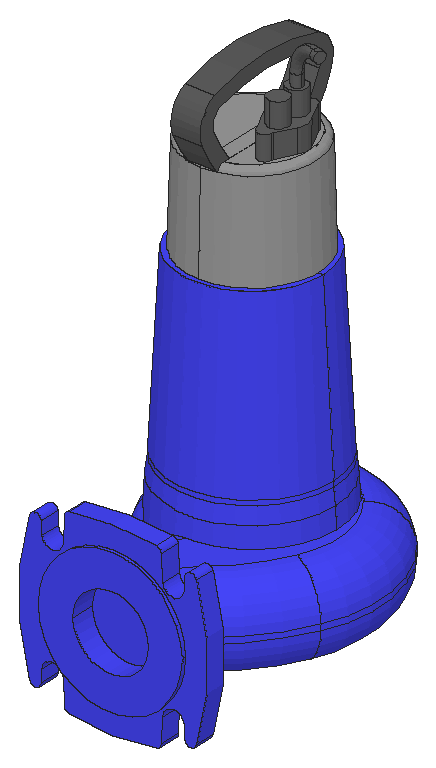
Revit family "MF_50_565_W", category Mechanical Equipment, Revit 2018
Family settings
  Round Connector Dimension = Use Radius
  Part Type = Normal
  Work Plane-Based = No
  Always vertical = Yes
  Cut with Voids When Loaded = No
  Shared = No
  Room Calculation Point = No
Parameters (values of type "MF 565W")
  Weight (kg) [instance] = "24.0"
  Volute = Cast Iron EN-GJL-250
  Upper Lid = Stainless steel 1.4301 (AISI 304)
  Speed (r/min) = 2900
  Solids Size [instance] = "60"
  Rotor Shaft = Stainless steel 1.4021 (AISI 420)
  Rated Voltage (V) = "220-240 1~"
  Rated Current (A) = "11.6"
  Product Specification Link = "https://www.sulzer.com/en/shared/products/2017/03/28/13/00/light-wastewater-pump-type-abs-mf-154-804"
  Motor Power (kW) = "P1=2.60 P2=1.80"
  Motor Housing = Cast Iron EN-GJL-250
  Model = "Light Wastewater Pump Type ABS MF 565-665"
  Manufacturer = "Sulzer"
  Impeller = Polyamide
  Head (m) = 16 mm
  Handle = Handle
  Fasteners = Stainless steel 1.4401 (AISI 316)
  Discharge DN 65 [instance] = 65 mm / 2  # 32.5 mm
  Discharge Connection [instance] = "DN 65"
  Description = "Compact submersible pumps with large solids passage for the reliable and effective dewatering of buildings and sites."
  Capacity (m3/hr) = 35.00 m³
  Cable Type (H07RN-F) = "F3G1.0"
  Cable Length (m) = "As Per Specification"
  Cable = Neoprene
  Assembly Code = ""
Reference planes
  plane 1 "Center (Front/Back)": y = 0
  plane 2: z = 0
  plane 3 "Center (Left/Right)": x = 0
  plane 4: z = 51
  plane 5: z = 88.2
  plane 6: x = 12.5
  plane 7: x = -12.5
  plane 8: through (0, 136.224, 289.935) normal (0, 0.2588, 0.9659)
  plane 9: y = -150
  plane 10: y = -147
  plane 11: z = 47.5
  plane 12: y = -130
  plane 13: z = 109.5
  plane 14: y = -14.657
  plane 15: y = -29.657
  plane 16: z = 383.2
  plane 17: z = 335.5
  plane 18: z = 304.5
  plane 19: through (30, -10, 1200) normal (0.3557, 0.9346, 0)
Forms (mm)
  Revolve 1, solid, material "Cast Iron EN-GJL-250" <- "Motor Housing"
    sketch origin (0, 0, 0) x (1, 0, 0) y (0, 0, 1)
      loop
        line (60.901, 274.2) -> (0, 274.2) -> (0, 9) -> (30, 9) -> (30, 3) -> (36, 3)
        arc (36, 3) -> (39.85, 4.398) -> (41.906, 7.941) r 6
        arc (41.906, 7.941) -> (42.762, 9.417) -> (44.367, 10) r 2.5
        line (44.367, 10) -> (75.822, 10) -> (71, 102)
        arc (71, 102) -> (70.207, 109.069) -> (69.282, 116.121) r 381.445
        arc (69.282, 116.121) -> (69.068, 118.12) -> (68.99, 120.129) r 30
        arc (68.99, 120.129) -> (66.746, 197.259) -> (60.901, 274.2) r 1650.998
      axis (0, 274.2) -> (0, 3)
    angle from 0 to 360
  Extrusion 2, solid, material "Neoprene" <- "Cable"
    sketch origin (-1520, -68.65, 383.2) x (-1, 0, 0) y (0, 1, 0)
      loop
        line (-1556.681, 45.311) -> (-1556.069, 43.549)
        arc (-1556.069, 43.549) -> (-1550, 38.482) -> (-1543.931, 43.549) r 6.168
        line (-1543.931, 43.549) -> (-1543.319, 45.311) -> (-1535.2, 60.982)
        arc (-1535.2, 60.982) -> (-1533.332, 68.65) -> (-1535.2, 76.317) r 16.668
        line (-1535.2, 76.317) -> (-1543.319, 91.989) -> (-1543.931, 93.75)
        arc (-1543.931, 93.75) -> (-1550, 98.818) -> (-1556.069, 93.75) r 6.168
        line (-1556.069, 93.75) -> (-1556.681, 91.989) -> (-1564.8, 76.317)
        arc (-1564.8, 76.317) -> (-1566.668, 68.65) -> (-1564.8, 60.982) r 16.668
        line (-1564.8, 60.982) -> (-1556.681, 45.311)
    from 0 to 20
  Extrusion 3, solid, material "Neoprene" <- "Cable"
    sketch origin (-1520, -68.65, 383.2) x (-1, 0, 0) y (0, 1, 0)
      loop
        circle (-1550, 58.65) r 8.659
      loop
        circle (-1550, 78.65) r 8.659
    from 0 to -20
  Revolve 4, solid, material "Stainless steel 1.4301 (AISI 304)" <- "Upper Lid"
    sketch origin (0, 0, 0) x (0, 1, 0) y (0, 0, 1)
      loop
        line (48.025, 363.2) -> (0, 363.2) -> (0, 274.2) -> (56.499, 274.2)
        arc (56.499, 274.2) -> (55.901, 315.901) -> (54.014, 357.564) r 1349.351
        arc (54.014, 357.564) -> (52.137, 361.569) -> (48.025, 363.2) r 6
      axis (0, 363.2) -> (0, 274.2)
    angle from 0 to 360
  Extrusion 5, solid, material "Cast Iron EN-GJL-250" <- "Motor Housing"
    sketch origin (0, 0, 0) x (1, 0, 0) y (0, 1, 0)
      loop
        arc (-64.978, 14.144) -> (-64.67, 12.311) -> (-63.183, 11.197) r 2.5
        line (-63.183, 11.197) -> (-53.511, 8.606)
        arc (-53.511, 8.606) -> (-51.553, 8.892) -> (-50.416, 10.51) r 2.5
        arc (-50.416, 10.51) -> (-44.6, 25.75) -> (-34.31, 38.406) r 51.5
        arc (-34.31, 38.406) -> (-33.477, 40.2) -> (-34.208, 42.039) r 2.5
        line (-34.208, 42.039) -> (-41.289, 49.119)
        arc (-41.289, 49.119) -> (-42.997, 49.851) -> (-44.738, 49.201) r 2.5
        arc (-44.738, 49.201) -> (-57.591, 33.25) -> (-64.978, 14.144) r 66.5
      loop
        arc (-21.894, -106.317) -> (-21.673, -108.162) -> (-20.24, -109.345) r 2.5
        arc (-20.24, -109.345) -> (0, -112.5) -> (20.24, -109.345) r 66.5
        arc (20.24, -109.345) -> (21.673, -108.162) -> (21.894, -106.317) r 2.5
        line (21.894, -106.317) -> (19.302, -96.644)
        arc (19.302, -96.644) -> (18.076, -95.092) -> (16.106, -94.917) r 2.5
        arc (16.106, -94.917) -> (0, -97.5) -> (-16.106, -94.917) r 51.5
        arc (-16.106, -94.917) -> (-18.076, -95.092) -> (-19.302, -96.644) r 2.5
        line (-19.302, -96.644) -> (-21.894, -106.317)
      loop
        arc (44.167, 47.757) -> (43.434, 45.989) -> (44.168, 44.221) r 2.5
        arc (44.168, 44.221) -> (54.127, 31.25) -> (60.38, 16.14) r 62.5
        arc (60.38, 16.14) -> (61.545, 14.621) -> (63.442, 14.371) r 2.5
        line (63.442, 14.371) -> (73.102, 16.959)
        arc (73.102, 16.959) -> (74.619, 18.123) -> (74.87, 20.02) r 2.5
        arc (74.87, 20.02) -> (67.117, 38.75) -> (54.772, 54.829) r 77.5
        arc (54.772, 54.829) -> (53.005, 55.56) -> (51.238, 54.828) r 2.5
        line (51.238, 54.828) -> (44.167, 47.757)
    from 0 to 47.5
  Sweep 6, solid, material "Cast Iron EN-GJL-250" <- "Motor Housing"
    path origin (-128.678, -1524, 47.5) x (-1, 0, 0) y (0, -1, 0)
      loop
        arc (-116.178, -1501.595) -> (-106.02, -1506.419) -> (-98.604, -1514.872) r 27.8
        arc (-98.604, -1514.872) -> (-94.118, -1529.954) -> (-96.713, -1545.473) r 34.9
        arc (-96.713, -1545.473) -> (-112.457, -1564.857) -> (-136.234, -1572.488) r 43.801
        arc (-136.234, -1572.488) -> (-159.215, -1567.821) -> (-177.969, -1553.744) r 53.3
        arc (-177.969, -1553.744) -> (-192.174, -1521.888) -> (-186.901, -1487.41) r 61.897
        arc (-186.901, -1487.41) -> (-172.334, -1463.606) -> (-152.853, -1443.624) r 125.1
        arc (-152.853, -1443.624) -> (-136.646, -1422.887) -> (-130.874, -1397.209) r 60
        line (-130.874, -1397.209) -> (-130.874, -1374)
    profile origin (2.196, -138.395, 47.5) x (1, 0, 0) y (0, 0, 1)
      loop
        line (-2.196, 37.419) -> (-2.196, -37.581) -> (16.804, -37.581)
        arc (16.804, -37.581) -> (41.552, -27.329) -> (51.804, -2.581) r 35
        line (51.804, -2.581) -> (51.804, 2.419)
        arc (51.804, 2.419) -> (41.552, 27.168) -> (16.804, 37.419) r 35
        line (16.804, 37.419) -> (-2.196, 37.419)
  Extrusion 7, solid, material "Handle" <- "Handle"
    sketch origin (0, 0, 57.131) x (0, 1, 0) y (0, 0, 1)
      loop
        line (-52.52, 301.064) -> (52.52, 301.064)
        arc (52.52, 301.064) -> (60.945, 313.606) -> (67.857, 327.041) r 130
        arc (67.857, 327.041) -> (68.306, 346.213) -> (55.041, 360.063) r 25
        arc (55.041, 360.063) -> (0, 369.2) -> (-55.041, 360.063) r 170.348
        arc (-55.041, 360.063) -> (-68.306, 346.213) -> (-67.857, 327.041) r 25
        arc (-67.857, 327.041) -> (-60.945, 313.606) -> (-52.52, 301.064) r 130
      loop
        line (-40.088, 305.476) -> (40.088, 305.476)
        arc (40.088, 305.476) -> (49.147, 318.245) -> (56.429, 332.105) r 117.5
        arc (56.429, 332.105) -> (56.732, 341.482) -> (50.426, 348.429) r 12.5
        arc (50.426, 348.429) -> (0, 356.7) -> (-50.426, 348.429) r 157.848
        arc (-50.426, 348.429) -> (-56.732, 341.482) -> (-56.429, 332.105) r 12.5
        arc (-56.429, 332.105) -> (-49.147, 318.245) -> (-40.088, 305.476) r 117.5
    from -12.5 to 12.5
  Sweep 8, solid, material "Neoprene" <- "Cable"
    path origin (23.633, -7.577, 1236.109) x (-0.934603, 0.355692, 0) y (0, 0, 1)
      loop
        line (0.301, -872.909) -> (0.301, -822.909)
        arc (0.301, -822.909) -> (-7.021, -805.231) -> (-24.699, -797.909) r 25
        line (-24.699, -797.909) -> (-29.699, -797.909)
    profile origin (23.351, -7.47, 388.2) x (0.934603, -0.355692, 0) y (0.355692, 0.934603, 0)
      loop
        circle (0, 18.692) r 4.5
  Sweep 9, solid, material "Cast Iron EN-GJL-250" <- "Motor Housing"
    path origin (-128.678, -1524, 47.5) x (-1, 0, 0) y (0, -1, 0)
      loop
        arc (-177.969, -1553.744) -> (-192.174, -1521.888) -> (-186.901, -1487.41) r 61.897
        arc (-186.901, -1487.41) -> (-172.334, -1463.606) -> (-152.853, -1443.624) r 125.1
        arc (-152.853, -1443.624) -> (-136.646, -1422.887) -> (-130.874, -1397.209) r 60
        line (-130.874, -1397.209) -> (-130.874, -1374)
    profile origin (2.196, -138.395, 47.5) x (1, 0, 0) y (0, 0, 1)
      loop
        arc (-21.196, 37.419) -> (-45.945, 27.168) -> (-56.196, 2.419) r 35
        line (-56.196, 2.419) -> (-56.196, -2.581)
        arc (-56.196, -2.581) -> (-45.945, -27.329) -> (-21.196, -37.581) r 35
        line (-21.196, -37.581) -> (-2.196, -37.581) -> (-2.196, 37.419) -> (-21.196, 37.419)
  Extrusion 10, solid, material "Cast Iron EN-GJL-250" <- "Motor Housing"
    sketch origin (0, -147, 50.937) x (0, 0, -1) y (-1, 0, 0)
      loop
        arc (-73.301, 37.043) -> (-76.563, 0) -> (-73.301, -37.043) r 212
        arc (-73.301, -37.043) -> (-71.689, -39.916) -> (-68.64, -41.162) r 5
        line (-68.64, -41.162) -> (-47.357, -42.278)
        arc (-47.357, -42.278) -> (-38.828, -51.265) -> (-47.357, -60.253) r 9
        line (-47.357, -60.253) -> (-57.861, -60.803)
        arc (-57.861, -60.803) -> (-62.562, -65.181) -> (-59.074, -70.574) r 5
        arc (-59.074, -70.574) -> (3.437, -80) -> (65.949, -70.574) r 212
        arc (65.949, -70.574) -> (69.436, -65.181) -> (64.736, -60.803) r 5
        line (64.736, -60.803) -> (54.232, -60.253)
        arc (54.232, -60.253) -> (45.703, -51.265) -> (54.232, -42.278) r 9
        line (54.232, -42.278) -> (75.515, -41.162)
        arc (75.515, -41.162) -> (78.564, -39.916) -> (80.176, -37.043) r 5
        arc (80.176, -37.043) -> (83.437, 0) -> (80.176, 37.043) r 212
        arc (80.176, 37.043) -> (78.564, 39.916) -> (75.515, 41.162) r 5
        line (75.515, 41.162) -> (54.232, 42.278)
        arc (54.232, 42.278) -> (45.703, 51.265) -> (54.232, 60.253) r 9
        line (54.232, 60.253) -> (64.736, 60.803)
        arc (64.736, 60.803) -> (69.436, 65.181) -> (65.949, 70.574) r 5
        arc (65.949, 70.574) -> (3.437, 80) -> (-59.074, 70.574) r 212
        arc (-59.074, 70.574) -> (-62.562, 65.181) -> (-57.861, 60.803) r 5
        line (-57.861, 60.803) -> (-47.357, 60.253)
        arc (-47.357, 60.253) -> (-38.828, 51.265) -> (-47.357, 42.278) r 9
        line (-47.357, 42.278) -> (-68.64, 41.162)
        arc (-68.64, 41.162) -> (-71.689, 39.916) -> (-73.301, 37.043) r 5
    from 0 to 17
  Extrusion 11, solid, material "Cast Iron EN-GJL-250" <- "Motor Housing"
    sketch origin (0, -147, 50.937) x (0, 0, -1) y (-1, 0, 0)
      loop
        circle (3.437, 0) r 61
    from 0 to -3
  Extrusion 12, void
    sketch origin (0, -150, 123) x (0, 0, 1) y (-1, 0, 0)
      loop
        circle (-76, -0.5) r 32
    from 0 to -20
Cuts and joins
  Extrusion 12 cuts Sweep 6
  Extrusion 12 cuts Sweep 9
  Extrusion 12 cuts Extrusion 10
  Extrusion 12 cuts Extrusion 11
  joined: Sweep 6, Sweep 9, Extrusion 10, Extrusion 11
  joined: Revolve 1, Extrusion 5
Lines and regions (mm)
  symbolic lines
    curve 1: line (0, 53.76, 359.224) -> (0, 53.76, 363.265)
Dimensions and locks
  plane 3 "Center (Left/Right)" to plane 6 = 12.5 mm
  plane 7 to plane 3 "Center (Left/Right)" = 12.5 mm
  plane 5 to plane 2 = 88.2 mm
  plane 11 to plane 2 = 47.5 mm
  plane 1 "Center (Front/Back)" to plane 12 = 130 mm
  plane 13 to plane 2 = 109.5 mm
  plane 16 to plane 2 = 383.2 mm
  plane 16 to plane 17 = 47.7 mm
  plane 18 to plane 2 = 304.5 mm
  plane 6 to plane 3 "Center (Left/Right)" = 12.5 mm
  plane 3 "Center (Left/Right)" to plane 7 = 12.5 mm
  aligned and locked: level to plane 2
  aligned and locked: Extrusion 5 to level
  aligned and locked: plane 11 to Extrusion 5
  aligned and locked: Extrusion 7 to plane 7
  aligned and locked: plane 6 to Extrusion 7
  aligned and locked: Extrusion 10 to plane 12
  aligned and locked: Extrusion 11 to plane 9
  aligned and locked: Extrusion 12 to plane 12
  aligned and locked: Extrusion 5 to plane 2
Connectors
  piping at (0.5, -150, 47), diameter 65, driven by "Discharge DN 65"
    settings: on cut or joined group of Sweep 6, Sweep 9, Extrusion 10, Extrusion 11, Extrusion 12, index 1, connector inside diameter 65 mm, connector length 0 mm, flow factor 0, pipe flow 0.0 L/s, pressure drop 0.0 Pa, fitting loss kfactor 0, connector angle 0.00°, fixture units 0, engagement length 0 mm, angle of deflection 0.00°, flow configuration 0, flow direction 0, fitting loss method 0, system type 29, joint type 0, gender type 0, connector reference index -1, connector utility 0, adjustable connector no, is connector primary yes, connector description "Discharge"
